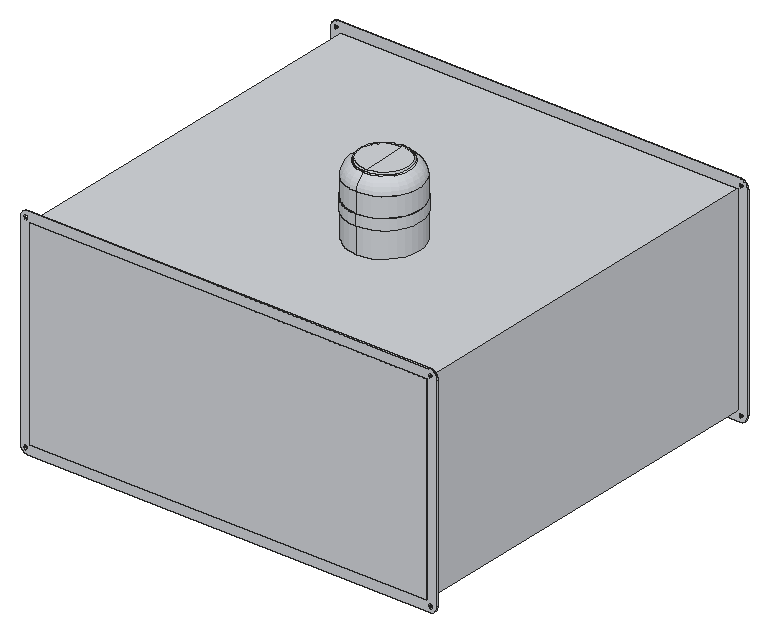
Revit family "BVN_BSKF-R", category Mechanical Equipment, Revit 2019
Family settings
  Round Connector Dimension = Use Diameter
  Part Type = Breaks Into
  OmniClass Number = 23.75.00.00
  OmniClass Title = Climate Control (HVAC)
  Work Plane-Based = No
  Always vertical = Yes
  Cut with Voids When Loaded = No
  Shared = No
  Room Calculation Point = No
Parameters (values of type "BSKF-R 450-6 T")
  motor_y = 80 mm
  motor_x = 100 mm
  Weight = 120.00 kg
  Voltage = 380 V
  URL = "http://www.bahcivanmotor.com.tr/index.php"
  Speed ( d/d ) = 950
  Sound Pressure Level dB(A) = 58
  Sac = -2 mm
  Protection Class = 55
  Power = 2200 W
  Model = "BSKF-R"
  Material = none
  Manufacturer = "Bahçıvan Elektrik Motor San. ve Tic. Ltd. Şti."
  Insulation Class = "F"
  G = 550 mm
  Frequency = 50 Hz
  F = 1050 mm
  E = 520 mm
  Description = "Duct Fan"
  D = 1020 mm
  Corners = 20 mm
  Capacitor(uF) = 0
  C = 980 mm
  B = 1000 mm
  Air Flow = 7500.0 m³/h
  Current = 5.4 A
  A = 500 mm
  180 = yes
  150 = no
Types (15, lengths in mm): name | motor_y | motor_x | Weight | Voltage | Speed ( d/d ) | Sound Pressure Level dB(A) | Power | G | F | E | D | Capacitor(uF) | C | B | Air Flow | Current | A | 180 | 150
  BSKF-R 200-4 T | 30 | 50 | 22.00 kg | 380 V | 1380 | 53 | 250 W | 250 | 450 | 220 | 420 | 0 | 500 | 400 | 1000.0 m³/h | 0.87 A | 200 | no | yes
  BSKF-R 355-4 T | 70 | 100 | 85.00 kg | 380 V | 1420 | 64 | 2200 W | 450 | 750 | 420 | 720 | 0 | 780 | 700 | 8000.0 m³/h | 4.9 A | 400 | yes | no
  BSKF-R 400-6 T | 80 | 100 | 92.00 kg | 380 V | 945 | 55 | 1500 W | 550 | 850 | 520 | 820 | 0 | 880 | 800 | 6000.0 m³/h | 3.6 A | 500 | yes | no
  BSKF-R 450-6 T | 80 | 100 | 120.00 kg | 380 V | 950 | 58 | 2200 W | 550 | 1050 | 520 | 1020 | 0 | 980 | 1000 | 7500.0 m³/h | 5.4 A | 500 | yes | no
  BSKF-R 225-4 T | 50 | 70 | 35.00 kg | 380 V | 1390 | 55 | 370 W | 300 | 550 | 270 | 520 | 0 | 560 | 500 | 1673.0 m³/h | 1.2 A | 250 | no | yes
  BSKF-R 250-4 T | 30 | 70 | 40.00 kg | 380 V | 1365 | 55 | 550 W | 350 | 550 | 320 | 520 | 0 | 560 | 500 | 1740.0 m³/h | 1.6 A | 300 | no | yes
  BSKF-R 280-4 T | 50 | 100 | 43.00 kg | 380 V | 1405 | 60 | 750 W | 350 | 650 | 320 | 620 | 0 | 710 | 600 | 2942.0 m³/h | 2.1 A | 300 | no | yes
  BSKF-R 315-4 T | 60 | 100 | 55.00 kg | 380 V | 1410 | 62 | 1500 W | 400 | 650 | 370 | 620 | 0 | 710 | 600 | 4050.0 m³/h | 3.5 A | 350 | no | yes
  BSKF-R 355-6 T | 70 | 100 | 85.00 kg | 380 V | 930 | 53 | 1100 W | 450 | 750 | 420 | 720 | 0 | 780 | 700 | 5200.0 m³/h | 2.9 A | 400 | yes | no
  BSKF-R 200-4 M | 30 | 50 | 22.00 kg | 230 V | 1390 | 53 | 250 W | 250 | 450 | 220 | 420 | 10 | 500 | 400 | 1000.0 m³/h | 2.1 A | 200 | yes | yes
  BSKF-R 225-4 M | 50 | 70 | 35.00 kg | 230 V | 1400 | 55 | 370 W | 300 | 550 | 270 | 520 | 15 | 560 | 500 | 1673.0 m³/h | 3.4 A | 250 | no | yes
  BSKF-R 250-4 M | 30 | 70 | 40.00 kg | 230 V | 1365 | 55 | 550 W | 350 | 550 | 320 | 520 | 20 | 560 | 500 | 1740.0 m³/h | 4.5 A | 300 | no | yes
  BSKF-R 280-4 M | 50 | 100 | 43.00 kg | 230 V | 1405 | 60 | 750 W | 350 | 650 | 320 | 620 | 30 | 710 | 600 | 2942.0 m³/h | 4.6 A | 300 | no | yes
  BSKF-R 315-4 M | 60 | 100 | 55.00 kg | 230 V | 1410 | 62 | 1500 W | 400 | 650 | 370 | 620 | 50 | 710 | 600 | 4050.0 m³/h | 9.3 A | 350 | no | yes
  BSKF-R 355-4 M | 70 | 100 | 85.00 kg | 230 V | 1430 | 64 | 2200 W | 450 | 750 | 420 | 720 | 50 | 780 | 700 | 8000.0 m³/h | 14.2 A | 400 | yes | no
Reference planes
  plane 1 "Center (Front/Back)": y = 0
  plane 2: z = 0
  plane 3 "Center (Left/Right)": x = 0
  plane 4 "ust": z = 250
  plane 5 "alt": z = -250
  plane 6: x = -500
  plane 7: x = 500
  plane 8: y = 490
  plane 9: y = -490
  plane 10: z = 275
  plane 11: z = -275
  plane 12: x = 525
  plane 13: x = -525
  plane 14 "Motor": y = -100
  plane 15 "motor": x = 80
Forms (mm)
  Extrusion 1, solid
    sketch origin (0, 0, 0) x (1, 0, 0) y (0, 0, 1)
      loop
        line (-500, 250) -> (-500, -250) -> (500, -250) -> (500, 250) -> (-500, 250)
    from -490 to 490
  Extrusion 2, solid
    sketch origin (0, -490, 0) x (1, 0, 0) y (0, 0, 1)
      loop
        arc (-505, 275) -> (-519.142, 269.142) -> (-525, 255) r 20
        line (-525, 255) -> (-525, -255)
        arc (-525, -255) -> (-519.142, -269.142) -> (-505, -275) r 20
        line (-505, -275) -> (505, -275)
        arc (505, -275) -> (519.142, -269.142) -> (525, -255) r 20
        line (525, -255) -> (525, 255)
        arc (525, 255) -> (519.142, 269.142) -> (505, 275) r 20
        line (505, 275) -> (-505, 275)
    from 0 to -2 <- "Sac"
  Extrusion 3, solid
    sketch origin (0, 490, 0) x (-1, 0, 0) y (0, 0, 1)
      loop
        arc (-505, 275) -> (-519.142, 269.142) -> (-525, 255) r 20
        line (-525, 255) -> (-525, -255)
        arc (-525, -255) -> (-519.142, -269.142) -> (-505, -275) r 20
        line (-505, -275) -> (505, -275)
        arc (505, -275) -> (519.142, -269.142) -> (525, -255) r 20
        line (525, -255) -> (525, 255)
        arc (525, 255) -> (519.142, 269.142) -> (505, 275) r 20
        line (505, 275) -> (-505, 275)
    from 0 to -2 <- "Sac"
  Extrusion 4, void
    sketch origin (0, 0, 0) x (1, 0, 0) y (0, 0, 1)
      loop
        circle (-510, 260) r 5
      loop
        circle (-510, -260) r 5
      loop
        circle (510, -260) r 5
      loop
        circle (510, 260) r 5
    from -1002.988 to 1152.151
  Revolve 5, solid, visible <- "150"
    sketch origin (80, 0, 0) x (0, 0, 1) y (0, -1, 0)
      loop
        line (250, 177.765) -> (250, 100) -> (400.02, 100) -> (400.02, 154.801)
        arc (400.02, 154.801) -> (399.494, 156.283) -> (398.151, 157.101) r 2.35
        arc (398.151, 157.101) -> (397.61, 157.281) -> (397.123, 157.579) r 2.5
        line (397.123, 157.579) -> (371.663, 177.47)
        arc (371.663, 177.47) -> (370.938, 177.864) -> (370.124, 178) r 2.5
        line (370.124, 178) -> (322.595, 178) -> (322.595, 180) -> (319.5, 180) -> (292.5, 180) -> (292.5, 177.765) -> (250, 177.765)
      axis (250, 100) -> (400.02, 100)
    angle from 0 to 360
  Revolve 6, solid, visible <- "180"
    sketch origin (80, 0, -288.292) x (0, 0, 1) y (0, -1, 0)
      loop
        line (679.951, 187.999) -> (631.092, 187.999) -> (631.092, 190) -> (604.092, 190) -> (604.092, 187.696) -> (538.292, 187.696) -> (538.292, 100) -> (718.092, 100) -> (718.092, 159.778)
        arc (718.092, 159.778) -> (717.473, 161.406) -> (715.928, 162.212) r 2.451
        arc (715.928, 162.212) -> (714.175, 163.103) -> (712.962, 164.65) r 4.548
        arc (712.962, 164.65) -> (699.487, 180.61) -> (679.951, 187.999) r 41.56
      axis (538.292, 100) -> (718.092, 100)
    angle from 0 to 360
Cuts and joins
  Extrusion 4 cuts Extrusion 2
  Extrusion 4 cuts Extrusion 3
Dimensions and locks
  equal spacing: plane 7, plane 3 "Center (Left/Right)", plane 6
  "B": plane 7 to plane 6
  equal spacing: plane 4 "ust", level, plane 5 "alt"
  "A": plane 4 "ust" to plane 5 "alt"
  equal spacing: plane 8, plane 1 "Center (Front/Back)", plane 9
  "C": plane 8 to plane 9
  equal spacing: plane 12, plane 3 "Center (Left/Right)", plane 13
  "F": plane 12 to plane 13
  equal spacing: plane 10, level, plane 11
  "G": plane 10 to plane 11
  "D": Extrusion 4 sketch curve to Extrusion 4 sketch curve  (x2)
  equal spacing: Extrusion 4 sketch curve, plane 3 "Center (Left/Right)", Extrusion 4 sketch curve  (x2)
  equal spacing: Extrusion 4 sketch curve, level, Extrusion 4 sketch curve  (x2)
  "E": Extrusion 4 sketch curve to Extrusion 4 sketch curve  (x2)
  "motor_y": plane 3 "Center (Left/Right)" to plane 15 "motor"
  "motor_x": plane 1 "Center (Front/Back)" to plane 14 "Motor"
  "Corners": radius of Extrusion 2 sketch curve  (x4)
  "Corners": radius of Extrusion 3 sketch curve  (x4)
  radius of cut or joined group of Extrusion 2, Extrusion 4 = 5 mm  (x3)
  aligned and locked: level to plane 2
  aligned and locked: Extrusion 1 to plane 7
  aligned and locked: Extrusion 1 to plane 5 "alt"
  aligned and locked: Extrusion 1 to plane 6
  aligned and locked: Extrusion 1 to plane 4 "ust"
  aligned and locked: plane 8 to Extrusion 1
  aligned and locked: Extrusion 1 to plane 9
  aligned and locked: Extrusion 2 sketch curve to plane 10
  aligned and locked: plane 13 to Extrusion 2 sketch curve
  aligned and locked: Extrusion 2 sketch curve to plane 11
  aligned and locked: Extrusion 2 sketch curve to plane 12
  aligned and locked: Extrusion 2 to Extrusion 3 sketch curve  (x4)
  aligned and locked: Revolve 5 sketch curve to plane 14 "Motor"
  aligned and locked: plane 14 "Motor" to Revolve 6 sketch curve
  aligned and locked: Revolve 6 to plane 4 "ust"
Automatic sketch dimensions
  plane 6 to Extrusion 1 sketch curve = 0 mm
  Extrusion 1 sketch curve to plane 7 = 0 mm
  plane 5 "alt" to Extrusion 1 sketch curve = 0 mm
  Extrusion 1 sketch curve to plane 4 "ust" = 0 mm
  Revolve 5 sketch curve to plane 4 "ust" = 0 mm
  plane 4 "ust" to Revolve 5 sketch curve = 42.5 mm
  Revolve 5 sketch curve to Revolve 5 sketch curve = 27 mm
  Revolve 5 sketch curve to Revolve 5 sketch curve = 3.095 mm
  Revolve 5 sketch curve to Revolve 5 sketch curve = 47.529 mm
  Revolve 5 sketch curve to Revolve 5 sketch curve = 1.539 mm  (x2)
  Revolve 5 sketch curve to plane 14 "Motor" = 57.579 mm
  Revolve 5 sketch curve to Revolve 5 sketch curve = 25.46 mm
  Revolve 5 sketch curve to Revolve 5 sketch curve = 0.547 mm
  Revolve 5 sketch curve to plane 14 "Motor" = 0 mm
  Revolve 5 sketch curve to Revolve 5 sketch curve = 2.35 mm
  Revolve 5 sketch curve to Revolve 5 sketch curve = 2.777 mm
  Revolve 5 sketch curve to Revolve 5 sketch curve = 1.97 mm  (x2)
  Revolve 5 sketch curve to Revolve 5 sketch curve = 17.921 mm
  Revolve 5 sketch curve to Revolve 5 sketch curve = 0.235 mm
  Revolve 5 sketch curve to Revolve 5 sketch curve = 2.235 mm
  Revolve 5 sketch curve to plane 5 "alt" = 240.804 mm
  Revolve 5 sketch curve to Revolve 5 sketch curve = 2088.38 mm
  Revolve 6 sketch curve to plane 14 "Motor" = 0 mm
  plane 4 "ust" to Revolve 6 sketch curve = 0 mm
  Revolve 6 sketch curve to Revolve 6 sketch curve = 65.8 mm
  Revolve 6 sketch curve to Revolve 6 sketch curve = 44.396 mm
  Revolve 6 sketch curve to Revolve 6 sketch curve = 4.464 mm
  Revolve 6 sketch curve to Revolve 6 sketch curve = 40.154 mm
  Revolve 6 sketch curve to Revolve 6 sketch curve = 1.422 mm
  Revolve 6 sketch curve to Revolve 6 sketch curve = 2.451 mm
  Revolve 6 sketch curve to plane 14 "Motor" = 46.679 mm
  Revolve 6 sketch curve to Revolve 6 sketch curve = 13.099 mm
  Revolve 6 sketch curve to Revolve 6 sketch curve = 6.838 mm
  Revolve 6 sketch curve to Revolve 6 sketch curve = 41.32 mm
  Revolve 6 sketch curve to Revolve 6 sketch curve = 20 mm
  Revolve 6 sketch curve to Revolve 6 sketch curve = 0 mm  (x2)
  Revolve 6 sketch curve to Revolve 6 sketch curve = 27 mm
  Revolve 6 sketch curve to Revolve 6 sketch curve = 2.001 mm
  Revolve 6 sketch curve to Revolve 6 sketch curve = 0.304 mm
  radius of Extrusion 4 sketch curve = 5 mm  (x4)
Connectors
  hvac at (0, 490, 0), driven by "A", driven by "B", driven by "Air Flow"
    settings: on Extrusion 1, index 1, duct flow 7500.0 m³/h, flow factor 0, pres drop 0.0 Pa, loss coef 0, conn angle 0.00°, conn width 1000 mm, conn height 500 mm, conn diameter 609.6 mm, duct sys type 29, conn prof type 1, flow config 0, flow direction 0, loss method 0, conn ref index -1, conn util no, is conn primary yes, conn desc ""
  hvac at (0, -490, 0), driven by "A", driven by "B", driven by "Air Flow"
    settings: on Extrusion 1, index 2, duct flow 7500.0 m³/h, flow factor 0, pres drop 0.0 Pa, loss coef 0, conn angle 0.00°, conn width 1000 mm, conn height 500 mm, conn diameter 609.6 mm, duct sys type 29, conn prof type 1, flow config 0, flow direction 0, loss method 0, conn ref index -1, conn util no, is conn primary no, conn desc ""
  electrical at (80, -100, 315.8)
    settings: on Revolve 6, index 3, voltage 0 V, apparent load 0 VA, apparent load phase1 0 VA, apparent load phase2 0 VA, apparent load phase3 0 VA, power factor 1, load classification "Other", number of poles 1, system type 31, power factor state 1, is connector primary yes, connector utility no, sub classification motor no, connector description ""
